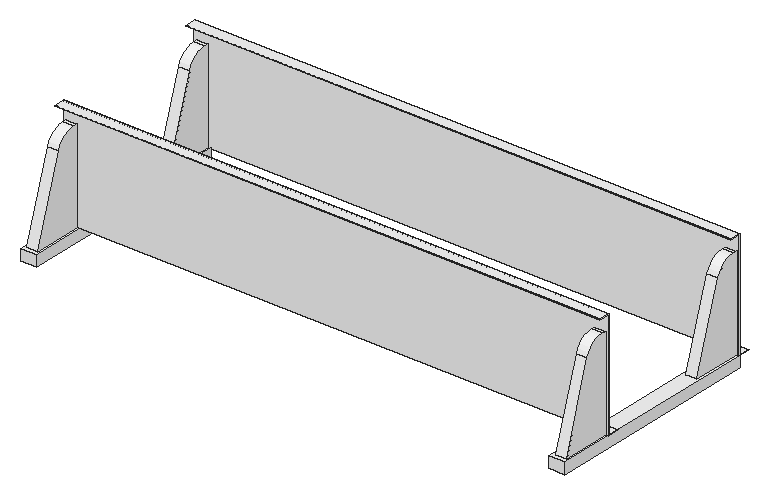
Revit family "NBS_AndersonGECLtd_ShlfUnits_V90ShelvingSystem", category Furniture, host Face, Revit 2017
Family settings
  Host = Face
  Cut with Voids When Loaded = No
  Shared = No
  Room Calculation Point = No
Parameters
  WidthOptions = "200, 300, 400, 500 mm"
  WarrantyStartDate [instance] = "1900-12-31T23:59:59"
  WarrantyGuarantorParts = "n/a"
  WarrantyGuarantorLabor = "n/a"
  WarrantyDurationUnit = "year"
  WarrantyDurationParts = "n/a"
  WarrantyDurationLabor = "n/a"
  WarrantyDescription = "n/a"
  Version = "1"  # constant formula
  UprightSpacing = (ShelfLength - (2 * UprightSideOffset)) / (UprightsNumber - 1)  # 970 mm
  UprightSideOffset = 15 mm
  Uniclass2015Version = "Products v1.11"
  Uniclass2015Title = "Shelf units"
  Uniclass2015Code = "Pr_40_30_78_77"
  TagNumber [instance] = "n/a"
  SustainabilityPerformance = "n/a"
  Style = "Shelving"
  Status = "UNSET"
  Size = "1000 x 400 x 200 mm"
  ShelfSpacingCalc = if(IsSingleShelf, 0 mm, ShelfSpacing)  # 300 mm
  ShelfMaterial = NBS_Concept
  Shape = "Rectangle"
  SerialNumber [instance] = "n/a"
  Revision = "n/a"
  ReplacementCost = "n/a"
  Reference = "n/a"
  ProductInformation = "http://www.gecanderson.co.uk/product/made-to-measure/shelving/index.html"
  NominalWidth = ShelfWidth  # 200 mm
  Name = "ShelfUnits_V90ShelvingSystem_AndersonGECLtd"
  NBSReference = "45-35-80/310"
  NBSDescription = "Shelf units"
  NBSCertification = "www.nationalbimlibrary.com/cert/lzvmrkqh"
  ModelReference = "Shelf Units"
  ModelNumber = "V90"
  Material = "Stainless steel"
  ManufacturerURL = "www.gecanderson.co.uk"
  ManufacturerName = "Anderson, GEC Ltd"  # constant formula
  Manufacturer = "info@gecanderson.co.uk"  # constant formula
  MainColor = "n/a"
  IsSingleShelf = ShelvesNumber < 2  # no
  ShelvesNumberCalc = if(ShelvesNumber < 2, 2, ShelvesNumber)  # 2
  IsMultipleShelves = ShelvesNumber > 1  # yes
  ShelfWidth = 200 mm
  ShelfSpacing = 300 mm
  SupportMaterial = NBS_Concept
  ShelfLength = 1000 mm
  ShelfHeight = 400 mm
  ShelfBottomOffset = 100 mm
  UprightsNumber = 2
  ShelvesNumber = 2
  NominalLength = ShelfLength  # 1000 mm
  NominalHeight = ShelfHeight  # 400 mm
  NominalDepth = ShelfWidth  # 200 mm
  IsBuiltIn = yes
  IntegralAccessories = "Perforated shelves, barred shelf"
  InstallationDate [instance] = "1900-12-31T23:59:59"
  IfcExportType = "SHELVING"  # constant formula
  IfcExportAs = "IfcFurnitureType"  # constant formula
  Grade = "n/a"
  Form = "Wall mounted single sided unit"
  Finish = "Brushed satin stainless steel"
  Features = "Components available individually can can be configured as required, shelves , are solid, components can be used in combination with other materials"
  ExpectedLife = "30 years"
  DurationUnit = "year"
  DimensionsShelfSpacing = "400, 600, 800, 1000, 1500, 1800, 2000 mm"
  Description = "A wall-fixed 3-part stainless steel system"
  Default Elevation = 1000 mm
  Constituents = "n/a"
  Color = "n/a"
  CodePerformance = "n/a"
  Category = "Pr_40_30_78_77:Shelf units"
  Brackets = "170, 270, 370, 470, 570 mm"
  BracketWidth = ShelfWidth - 30 mm  # 170 mm
  BarCode [instance] = "n/a"
  BIMObjectName = "NBS_AndersonGECLtd_ShelfUnits_V90ShelvingSystem_200x400"
  Author = "NBS"  # constant formula
  AssetType = "Fixed"
  AssetIdentifier [instance] = "n/a"
  AccessibilityPerformance = "n/a"
Reference planes
  plane 1 "Bottom": y = 0
  plane 2: z = 0
  plane 3 "Center (Left/Right)": x = 0
  plane 4 "Left": x = -500
  plane 5 "Right": x = 500
  plane 6 "Top": y = 400
  plane 7: x = -485
  plane 8: x = 485
  plane 9: y = 100
  plane 10 "Front": z = 220
  plane 11 "UprightFront": z = 20
  plane 12: y = 400
Dimensions and locks
  equal spacing: plane 4 "Left", plane 3 "Center (Left/Right)", plane 5 "Right"
  "ShelfLength": plane 4 "Left" to plane 5 "Right"
  "ShelfHeight": plane 1 "Bottom" to plane 6 "Top"
  "UprightSideOffset": plane 4 "Left" to plane 7
  group 1 to group 2 = 970 mm
  group 1 to group 2 = 0 mm  (x2)
  "UprightSpacing": plane 7 to plane 8
  locked: plane 11 "UprightFront" to level at 20
  "ShelfWidth": plane 10 "Front" to plane 11 "UprightFront"
  "ShelfBottomOffset": plane 1 "Bottom" to plane 9
  group 3 to group 4 = 0 mm  (x2)
  group 3 to group 4 = 300 mm
  "ShelfSpacingCalc": plane 9 to plane 12
  group 5 to group 6 = 0 mm
  group 5 to group 6 = 300 mm
  group 6 to group 5 = 0 mm
  aligned and locked: plane 2 to host face
  aligned and locked: level to host face
  aligned and locked: plane 7 to nested 1
  aligned and locked: plane 1 "Bottom" to nested 1
  aligned and locked: plane 8 to nested 2
  aligned and locked: nested 3 to plane 11 "UprightFront"
  aligned and locked: plane 3 "Center (Left/Right)" to nested 3
  aligned and locked: plane 9 to nested 3
  aligned and locked: plane 7 to nested 5
  aligned and locked: plane 7 to nested 4
  aligned and locked: plane 9 to nested 5
  aligned and locked: plane 12 to nested 6
  aligned and locked: plane 3 "Center (Left/Right)" to nested 6
  aligned and locked: plane 7 to nested 7
  aligned and locked: plane 12 to nested 7
  aligned and locked: plane 9 to nested 4
  aligned and locked: plane 3 "Center (Left/Right)" to nested 8
  aligned and locked: plane 9 to nested 8
Automatic sketch dimensions
  host sketch curve to host sketch curve = 2438.4 mm  (x2)
Nested families
  nested 1: "NBS_AndersonGECLtd_ShlfUnits_Upright" at (-485, 0, 0), type "Upright"
  nested 2: "NBS_AndersonGECLtd_ShlfUnits_Upright" at (485, 0, 0), type "Upright"
  nested 3: "NBS_AndersonGECLtd_ShlfUnits_Shelf" at (0, 100, 20), visible <- "IsMultipleShelves", type "Shelf"
  nested 4: "NBS_AndersonGECLtd_ShlfUnits_Brackets" at (-485, 100, 20), visible <- "IsSingleShelf", type "Brackets"
  nested 5: "NBS_AndersonGECLtd_ShlfUnits_Brackets" at (-485, 100, 20), visible <- "IsMultipleShelves", type "Brackets"
  nested 6: "NBS_AndersonGECLtd_ShlfUnits_Shelf" at (0, 400, 20), visible <- "IsMultipleShelves", type "Shelf"
  nested 7: "NBS_AndersonGECLtd_ShlfUnits_Brackets" at (-485, 400, 20), visible <- "IsMultipleShelves", type "Brackets"
  nested 8: "NBS_AndersonGECLtd_ShlfUnits_Shelf" at (0, 100, 20), visible <- "IsSingleShelf", type "Shelf"
Definition of nested family "NBS_AndersonGECLtd_ShlfUnits_Upright"
  Parameters (values of type "Upright")
    UprightMaterial = none
    Height = 400 mm
  Reference planes
    plane 1 "Center (Front/Back)": y = 0
    plane 2 "Back": z = 0
    plane 3 "Center (Left/Right)": x = 0
    plane 4 "Top": y = 400
  Forms (mm)
    Extrusion 1, solid, material <- "UprightMaterial"
      sketch origin (0, 0, 0) x (1, 0, 0) y (0, 1, 0)
        loop
          line (-15, 0) -> (15, 0) -> (15, 400) -> (-15, 400) -> (-15, 0)
      from 0 to 20
  Dimensions and locks
    "Height": plane 1 "Center (Front/Back)" to plane 4 "Top"
    aligned and locked: level to plane 2 "Back"
  Automatic sketch dimensions
    Extrusion 1 sketch curve to plane 4 "Top" = 0 mm
    plane 1 "Center (Front/Back)" to Extrusion 1 sketch curve = 0 mm
    Extrusion 1 sketch curve to plane 3 "Center (Left/Right)" = 15 mm
    plane 3 "Center (Left/Right)" to Extrusion 1 sketch curve = 15 mm
Definition of nested family "NBS_AndersonGECLtd_ShlfUnits_Shelf"
  Parameters (values of type "Shelf")
    Width = 200 mm
    ShelfMaterial = none
    Length = 1000 mm
  Reference planes
    plane 1 "Center (Front/Back)": y = 0
    plane 2: z = 0
    plane 3 "Center (Left/Right)": x = 0
    plane 4 "Left": x = -500
    plane 5 "Right": x = 500
    plane 6 "Front": z = 200
  Forms (mm)
    Extrusion 1, solid, material <- "ShelfMaterial", detail levels medium+fine
      sketch origin (0, 0, 0) x (0, 1, 0) y (0, 0, 1)
        loop
          line (0, 200) -> (-20, 200) -> (-20, 199) -> (-1, 199) -> (-1, 0) -> (20, 0) -> (20, 1) -> (0, 1) -> (0, 200)
      from -500 to 500
    Extrusion 2, solid, material <- "ShelfMaterial", detail levels coarse
      sketch origin (0, 0, 0) x (0, 1, 0) y (0, 0, 1)
        loop
          line (0, 200) -> (-20, 200) -> (-20, 0) -> (0, 0) -> (0, 200)
      from -500 to 500
  Dimensions and locks
    equal spacing: plane 4 "Left", plane 3 "Center (Left/Right)", plane 5 "Right"
    "Length": plane 4 "Left" to plane 5 "Right"
    "Width": plane 6 "Front" to level
    aligned and locked: level to plane 2
    aligned and locked: plane 1 "Center (Front/Back)" to Extrusion 1 sketch curve
    aligned and locked: plane 6 "Front" to Extrusion 1 sketch curve
    aligned and locked: level to Extrusion 1 sketch curve
    aligned and locked: Extrusion 1 to plane 4 "Left"
    aligned and locked: Extrusion 1 to plane 5 "Right"
    aligned and locked: plane 1 "Center (Front/Back)" to Extrusion 2 sketch curve
    aligned and locked: plane 6 "Front" to Extrusion 2 sketch curve
    aligned and locked: level to Extrusion 2 sketch curve
    aligned and locked: Extrusion 2 to plane 4 "Left"
    aligned and locked: Extrusion 2 to plane 5 "Right"
  Automatic sketch dimensions
    Extrusion 1 sketch curve to Extrusion 1 sketch curve = 19 mm
    plane 1 "Center (Front/Back)" to Extrusion 1 sketch curve = 1 mm
    Extrusion 1 sketch curve to plane 1 "Center (Front/Back)" = 20 mm
    Extrusion 1 sketch curve to Extrusion 1 sketch curve = 1 mm  (x2)
    plane 1 "Center (Front/Back)" to Extrusion 2 sketch curve = 20 mm
Definition of nested family "NBS_AndersonGECLtd_ShlfUnits_Brackets"
  Parameters (values of type "Brackets")
    Width = 170 mm
    UprightsNumber = 2
    UprightSpacing = 970 mm
    BracketMaterial = none
  Reference planes
    plane 1 "Center (Front/Back)": y = 0
    plane 2: z = 0
    plane 3 "Center (Left/Right)": x = 0
    plane 4: x = 970
  Dimensions and locks
    "UprightSpacing": plane 3 "Center (Left/Right)" to plane 4
    group 1 to group 2 = 970 mm
    group 1 to group 2 = 0 mm  (x2)
    aligned and locked: level to plane 2
    aligned and locked: plane 3 "Center (Left/Right)" to nested 1
    aligned and locked: plane 1 "Center (Front/Back)" to nested 1
    aligned and locked: plane 4 to nested 2
    aligned and locked: plane 1 "Center (Front/Back)" to nested 2
  Nested families
    nested 1: "NBS_AndersonGECLtd_ShlfUnits_Bracket" at (0, 0, 0), type "Bracket"
    nested 2: "NBS_AndersonGECLtd_ShlfUnits_Bracket" at (970, 0, 0), type "Bracket"
  Definition of nested family "NBS_AndersonGECLtd_ShlfUnits_Bracket"
    Parameters (values of type "Bracket")
      Width = 170 mm
      BracketMaterial = none
    Reference planes
      plane 1 "Center (Front/Back)": y = 0
      plane 2 "Back": z = 0
      plane 3 "Center (Left/Right)": x = 0
      plane 4 "Front": z = 170
      plane 5: y = -1
      plane 6 "Bottom": y = -91
      plane 7: y = -8
      plane 8: z = 133
    Forms (mm)
      Extrusion 1, solid, material <- "BracketMaterial"
        sketch origin (0, 0, 0) x (0, 1, 0) y (0, 0, 1)
          loop
            line (-1, 130.683) -> (-43.126, 144.627) -> (-91, 0) -> (-1, 0) -> (-1, 130.683)
        from -10 to 10
      Extrusion 2, solid, material <- "BracketMaterial"
        sketch origin (0, 0, 0) x (0, 1, 0) y (0, 0, 1)
          loop
            arc (-8, 170) -> (-29.666, 162.993) -> (-43.126, 144.627) r 37
            line (-43.126, 144.627) -> (-1, 130.683) -> (-1, 170) -> (-8, 170)
        from -10 to 10
    Cuts and joins
      joined: Extrusion 1, Extrusion 2
    Lines and regions (mm)
      reference lines
        curve 1: line (0, -8, 133) -> (0, -43.126, 144.627)
        curve 2: line (0, -43.126, 144.627) -> (0, -91, 0)
    Dimensions and locks
      "Width": plane 4 "Front" to level
      locked: plane 1 "Center (Front/Back)" to plane 5 at 1
      locked: plane 5 to plane 6 "Bottom" at 90
      locked: plane 5 to plane 7 at 7
      locked: plane 4 "Front" to plane 8 at 37
      locked: curve 1 to curve 1 at 37
      locked: curve 1 to curve 2 (angle 90.00°)
      aligned and locked: level to plane 2 "Back"
      aligned and locked: plane 7 to curve 1
      aligned and locked: plane 8 to curve 1
      aligned and locked: plane 6 "Bottom" to curve 2
      aligned and locked: level to curve 2
      aligned and locked: plane 5 to Extrusion 1 sketch curve
      aligned and locked: level to Extrusion 1 sketch curve
      aligned and locked: Extrusion 1 sketch curve to curve 2
      aligned and locked: Extrusion 1 sketch curve to curve 1
      aligned and locked: plane 4 "Front" to Extrusion 2 sketch curve
      aligned and locked: plane 5 to Extrusion 2 sketch curve
      aligned and locked: Extrusion 2 sketch curve to Extrusion 1
    Automatic sketch dimensions
      Extrusion 2 sketch curve to plane 7 = 0 mm
      Extrusion 2 sketch curve to plane 8 = 0 mm
      Extrusion 2 sketch curve to plane 6 "Bottom" = 83 mm
Types in the file's own list only (28): name | Size | ShelfSpacingCalc | NominalWidth | ShelvesNumberCalc | ShelfWidth | ShelfSpacing | ShelfHeight | ShelvesNumber | NominalHeight | NominalDepth | BracketWidth | BIMObjectName
  ShelvingUnit200x400 | "1000 x 400 x 200 mm" | 300 mm | 200 mm | 2 | 200 mm | 300 mm | 400 mm | 2 | 400 mm | 200 mm | 170 mm | "NBS_AndersonGECLtd_ShelfUnits_V90ShelvingSystem_200x400"
  ShelvingUnit200x600 | "1000 x 600 x 200 mm" | 250 mm | 200 mm | 3 | 200 mm | 250 mm | 600 mm | 3 | 600 mm | 200 mm | 170 mm | "NBS_AndersonGECLtd_ShelfUnits_V90ShelvingSystem_200x600"
  ShelvingUnit200x800 | "1000 x 800 x 200 mm" | 350 mm | 200 mm | 3 | 200 mm | 350 mm | 800 mm | 3 | 800 mm | 200 mm | 170 mm | "NBS_AndersonGECLtd_ShelfUnits_V90ShelvingSystem_200x800"
  ShelvingUnit200x1000 | "1000 x 1000 x 200 mm" | 300 mm | 200 mm | 4 | 200 mm | 300 mm | 1000 mm | 4 | 1000 mm | 200 mm | 170 mm | "NBS_AndersonGECLtd_ShelfUnits_V90ShelvingSystem_200x1000"
  ShelvingUnit200x1500 | "1000 x 1500 x 200 mm" | 280 mm | 200 mm | 6 | 200 mm | 280 mm | 1500 mm | 6 | 1500 mm | 200 mm | 170 mm | "NBS_AndersonGECLtd_ShelfUnits_V90ShelvingSystem_200x1500"
  ShelvingUnit200x1800 | "1000 x 1800 x 200 mm" | 280 mm | 200 mm | 7 | 200 mm | 280 mm | 1800 mm | 7 | 1800 mm | 200 mm | 170 mm | "NBS_AndersonGECLtd_ShelfUnits_V90ShelvingSystem_200x1800"
  ShelvingUnit200x2000 | "1000 x 2000 x 200 mm" | 270 mm | 200 mm | 8 | 200 mm | 270 mm | 2000 mm | 8 | 2000 mm | 200 mm | 170 mm | "NBS_AndersonGECLtd_ShelfUnits_V90ShelvingSystem_200x2000"
  ShelvingUnit300x400 | "1000 x 400 x 200 mm" | 300 mm | 300 mm | 2 | 300 mm | 300 mm | 400 mm | 2 | 400 mm | 300 mm | 270 mm | "NBS_AndersonGECLtd_ShelfUnits_V90ShelvingSystem_300x400"
  ShelvingUnit300x600 | "1000 x 600 x 300 mm" | 250 mm | 300 mm | 3 | 300 mm | 250 mm | 600 mm | 3 | 600 mm | 300 mm | 270 mm | "NBS_AndersonGECLtd_ShelfUnits_V90ShelvingSystem_300x600"
  ShelvingUnit300x800 | "1000 x 800 x 300 mm" | 350 mm | 300 mm | 3 | 300 mm | 350 mm | 800 mm | 3 | 800 mm | 300 mm | 270 mm | "NBS_AndersonGECLtd_ShelfUnits_V90ShelvingSystem_300x800"
  ShelvingUnit300x1000 | "1000 x 1000 x 300 mm" | 300 mm | 300 mm | 4 | 300 mm | 300 mm | 1000 mm | 4 | 1000 mm | 300 mm | 270 mm | "NBS_AndersonGECLtd_ShelfUnits_V90ShelvingSystem_300x1000"
  ShelvingUnit300x1500 | "1000 x 1500 x 300 mm" | 280 mm | 300 mm | 6 | 300 mm | 280 mm | 1500 mm | 6 | 1500 mm | 300 mm | 270 mm | "NBS_AndersonGECLtd_ShelfUnits_V90ShelvingSystem_300x1500"
  ShelvingUnit300x1800 | "1000 x 1800 x 300 mm" | 280 mm | 300 mm | 7 | 300 mm | 280 mm | 1800 mm | 7 | 1800 mm | 300 mm | 270 mm | "NBS_AndersonGECLtd_ShelfUnits_V90ShelvingSystem_300x1800"
  ShelvingUnit300x2000 | "1000 x 2000 x 300 mm" | 270 mm | 300 mm | 8 | 300 mm | 270 mm | 2000 mm | 8 | 2000 mm | 300 mm | 270 mm | "NBS_AndersonGECLtd_ShelfUnits_V90ShelvingSystem_300x1800"
  ShelvingUnit400x400 | "1000 x 400 x 400 mm" | 300 mm | 400 mm | 2 | 400 mm | 300 mm | 400 mm | 2 | 400 mm | 400 mm | 370 mm | "NBS_AndersonGECLtd_ShelfUnits_V90ShelvingSystem_400x400"
  ShelvingUnit400x600 | "1000 x 600 x 400 mm" | 250 mm | 400 mm | 3 | 400 mm | 250 mm | 600 mm | 3 | 600 mm | 400 mm | 370 mm | "NBS_AndersonGECLtd_ShelfUnits_V90ShelvingSystem_400x600"
  ShelvingUnit400x800 | "1000 x 800 x 400 mm" | 350 mm | 400 mm | 3 | 400 mm | 350 mm | 800 mm | 3 | 800 mm | 400 mm | 370 mm | "NBS_AndersonGECLtd_ShelfUnits_V90ShelvingSystem_400x800"
  ShelvingUnit400x1000 | "1000 x 1000 x 400 mm" | 300 mm | 400 mm | 4 | 400 mm | 300 mm | 1000 mm | 4 | 1000 mm | 400 mm | 370 mm | "NBS_AndersonGECLtd_ShelfUnits_V90ShelvingSystem_400x1000"
  ShelvingUnit400x1500 | "1000 x 1500 x 400 mm" | 280 mm | 400 mm | 6 | 400 mm | 280 mm | 1500 mm | 6 | 1500 mm | 400 mm | 370 mm | "NBS_AndersonGECLtd_ShelfUnits_V90ShelvingSystem_400x1500"
  ShelvingUnit400x1800 | "1000 x 1800 x 400 mm" | 280 mm | 400 mm | 7 | 400 mm | 280 mm | 1800 mm | 7 | 1800 mm | 400 mm | 370 mm | "NBS_AndersonGECLtd_ShelfUnits_V90ShelvingSystem_400x1800"
  ShelvingUnit400x2000 | "1000 x 2000 x 400 mm" | 270 mm | 400 mm | 8 | 400 mm | 270 mm | 2000 mm | 8 | 2000 mm | 400 mm | 370 mm | "NBS_AndersonGECLtd_ShelfUnits_V90ShelvingSystem_400x2000"
  ShelvingUnit500x400 | "1000 x 400 x 500 mm" | 300 mm | 500 mm | 2 | 500 mm | 300 mm | 400 mm | 2 | 400 mm | 500 mm | 470 mm | "NBS_AndersonGECLtd_ShelfUnits_V90ShelvingSystem_500x400"
  ShelvingUnit500x600 | "1000 x 600 x 500 mm" | 250 mm | 500 mm | 3 | 500 mm | 250 mm | 600 mm | 3 | 600 mm | 500 mm | 470 mm | "NBS_AndersonGECLtd_ShelfUnits_V90ShelvingSystem_500x600"
  ShelvingUnit500x800 | "1000 x 800 x 500 mm" | 350 mm | 500 mm | 3 | 500 mm | 350 mm | 800 mm | 3 | 800 mm | 500 mm | 470 mm | "NBS_AndersonGECLtd_ShelfUnits_V90ShelvingSystem_500x800"
  ShelvingUnit500x1000 | "1000 x 1000 x 500 mm" | 300 mm | 500 mm | 4 | 500 mm | 300 mm | 1000 mm | 4 | 1000 mm | 500 mm | 470 mm | "NBS_AndersonGECLtd_ShelfUnits_V90ShelvingSystem_500x1000"
  ShelvingUnit500x1500 | "1000 x 1500 x 500 mm" | 280 mm | 500 mm | 6 | 500 mm | 280 mm | 1500 mm | 6 | 1500 mm | 500 mm | 470 mm | "NBS_AndersonGECLtd_ShelfUnits_V90ShelvingSystem_500x1500"
  ShelvingUnit500x1800 | "1000 x 1800 x 500 mm" | 280 mm | 500 mm | 7 | 500 mm | 280 mm | 1800 mm | 7 | 1800 mm | 500 mm | 470 mm | "NBS_AndersonGECLtd_ShelfUnits_V90ShelvingSystem_500x1800"
  ShelvingUnit500x2000 | "1000 x 2000 x 500 mm" | 270 mm | 500 mm | 8 | 500 mm | 270 mm | 2000 mm | 8 | 2000 mm | 500 mm | 470 mm | "NBS_AndersonGECLtd_ShelfUnits_V90ShelvingSystem_500x2000"
